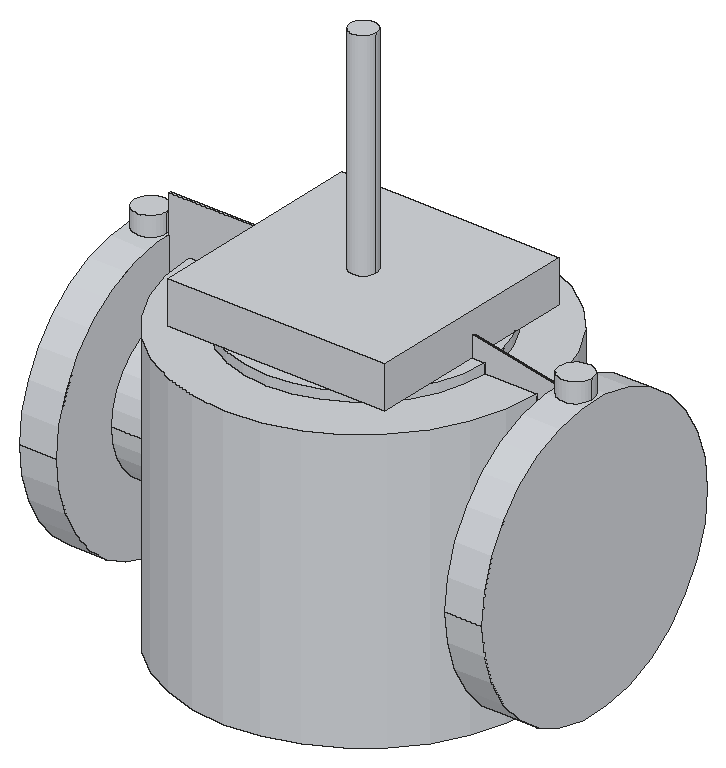
Revit family "OC-FLANGE_HF_DN250_PN16_RFA_2018", category Pipe Accessories, Revit 2018
Family settings
  Round Connector Dimension = Use Diameter
  Part Type = Valve - Breaks Into
  Work Plane-Based = No
  Always vertical = Yes
  Cut with Voids When Loaded = No
  Shared = No
Parameters (values of type "Optima Compact Flange PN16 DN250 HF")
  magiProductId = "04bfedd5843a4fb2a3a3e76bce0a04"
  magiProductFamilyId = "7f77c72f297a4b4b9e69a2c3ebd769"
  magiPartTypeId = 304
  isMeasuringValve [instance] = no
  ang2D [instance] = 0.00°
  W2D = 50 mm
  VersionID = "2.0/2018.12.13.2/FRESE_OPT_COMP_BIG_Q13_001"
  Use Minimum Symbol Size [instance] = no
  URL = "www.hydronic.cz"
  Type Comments = "Přírubový; PN16; 0~110°C, s měřením"
  R4 = 192.15 mm
  R3 = 115.44 mm
  R1 = 274.5 mm
  QmdConnectorList = "301;D;302;D"
  Productdata [instance] = ""
  Manufacturer = "Hydronic Systems Prague s.r.o."
  MC Use Limits From Balancing Method = no
  MC Throttling Minimum Value = 0
  MC Throttling Maximum Value = 0
  MC Product Code = "53-1217 (DN250 HF; 48mm; pohon min 2500N; Qmin-dpmin 245000l/h-15.0kPa; Qmax-dpmin 600000l/h-70.0kPa; dpmax 800kPa)"
  MC Pressure Drop Minimum Value = 0.0 Pa
  MC Pressure Drop Maximum Value = 0.0 Pa
  MC Piping Given Pressure Drop [instance] = 0.0 Pa
  LF__ve = -LF  # -58.4 mm
  LF2 = 29.2 mm
  LF = 58.4 mm
  L4 = 343.1 mm
  L3 = 613.2 mm
  L2D_Min = 30.48 mm
  L2D = 230 mm
  L2 = 365 mm
  H6 = 339.4 mm
  H4 = 66.6 mm
  H3 = 15 mm
  H2 = 244.2 mm
  H1 = 444 mm
  H = 1094 mm
  Description = "Tlakově nezávislý 2-cestný regulační vyvažovací ventil (PICV)"
  DF2 = 222 mm
  DD = yes
  D = 250 mm
  CAT0 = yes
  AL2 = 156 mm
  ACT3W = 167 mm
  ACT3L = 92.5 mm
  ACT2L = 230 mm
  ACT2H = 311 mm
  A3WP = 112 mm
Types (2, lengths in mm): name | magiProductId | R4 | R3 | R1 | MC Product Code | LF__ve | LF2 | LF | L4 | L3 | L2 | H6 | H4 | H2 | H1 | H | DF2 | D
  Optima Compact Flange PN16 DN250 HF | "04bfedd5843a4fb2a3a3e76bce0a04" | 192.15 | 115.44 | 274.5 | "53-1217 (DN250 HF; 48mm; pohon min 2500N; Qmin-dpmin 245000l/h-15.0kPa; Qmax-dpmin 600000l/h-70.0kPa; dpmax 800kPa)" | -58.4 | 29.2 | 58.4 | 343.1 | 613.2 | 365 | 339.4 | 66.6 | 244.2 | 444 | 1094 | 222 | 250
  Optima Compact Flange PN16 DN300 HF | "0fa3775e1d00444fb1aee59b74ee1a" | 251.65 | 135.2 | 359.5 | "53-1218 (DN300 HF; 48mm; pohon min 2500N; Qmin-dpmin 245000l/h-15.0kPa; Qmax-dpmin 600000l/h-70.0kPa; dpmax 800kPa)" | -68 | 34 | 68 | 399.5 | 714 | 425 | 290 | 78 | 286 | 520 | 1132 | 260 | 300
Reference planes
  plane 1 "Center (Front/Back)": y = 0
  plane 2 "XYPLANE": z = 0
  plane 3 "Center (Left/Right)": x = 0
  plane 4 "362": y = 45
  plane 5 "361": y = 55
  plane 6 "360": y = -102
  plane 7 "359": y = -112
  plane 8 "358": z = 852
  plane 9 "357": x = -87.5
  plane 10 "356": x = 87.5
  plane 11 "355": x = -92.5
  plane 12 "354": x = 92.5
  plane 13 "353": x = 35
  plane 14 "352": x = -35
  plane 15 "351": z = 627
  plane 16 "350": z = 812
  plane 17 "347": y = -25
  plane 18 "346": y = 25
  plane 19 "342": z = 280.4
  plane 20 "341": x = 306.6
  plane 21 "340": x = -306.6
  plane 22 "335": x = 106
  plane 23 "334": z = 759
  plane 24 "333": z = 684
  plane 25 "332": z = 689
  plane 26 "331": z = 729
  plane 27 "330": z = 561
  plane 28 "329": z = -222
  plane 29 "328": x = -45
  plane 30 "327": x = 45
  plane 31 "326": x = -49
  plane 32 "325": x = 49
  plane 33 "324": y = -20
  plane 34 "323": y = 20
  plane 35 "322": z = 869
  plane 36 "321": z = 872
  plane 37 "320": z = 581
  plane 38 "319": y = -61
  plane 39 "318": y = 73
  plane 40 "317": x = -74
  plane 41 "316": x = 156
  plane 42 "206": x = 335.8
  plane 43 "205": x = -335.8
  plane 44 "204": z = 222
  plane 45 "203": z = 281.4
  plane 46 "202": z = 214.8
  plane 47 "201": z = 199.8
  plane 48 "200": x = -306.6
  plane 49 "199": z = -244.2
  plane 50 "198": x = 0
  plane 51 "197": y = 0
  plane 52 "196": z = 0
  plane 53 "195": x = -365
  plane 54 "194": x = 365
  plane 55 "193": z = 620.8
  plane 56 "192": z = 784.8
Forms (mm)
  Extrusion 1, solid, visible <- "DD"
    sketch origin (750, 0, 0) x (-1, 0, 0) y (0, 0, 1)
      loop
        line (1056.6, 280.4) -> (750, 280.4) -> (443.4, 222) -> (443.4, -222) -> (1056.6, -222) -> (1056.6, 280.4)
    from 0 to 3
  Extrusion 2, solid, visible <- "CAT0"
    sketch origin (-750, 0, 222) x (1, 0, 0) y (0, 1, 0)
      loop
        circle (1085.8, 0) r 25.5
    from 0 to 30
  Extrusion 3, solid, visible <- "CAT0"
    sketch origin (-750, 0, 222) x (1, 0, 0) y (0, 1, 0)
      loop
        circle (414.2, 0) r 25.5
    from 0 to 30
  Extrusion 4, solid, visible <- "CAT0"
    sketch origin (-750, 0, 281.4) x (1, 0, 0) y (0, 1, 0)
      loop
        circle (750, 0) r 20
    from 0 to 339.4 <- "H6"
  Extrusion 5, solid, visible <- "CAT0"
    sketch origin (-750, 0, 214.8) x (1, 0, 0) y (0, 1, 0)
      loop
        line (921.55, 171.55) -> (578.45, 171.55) -> (578.45, -171.55) -> (921.55, -171.55) -> (921.55, 171.55)
    from 0 to 66.6 <- "H4"
  Extrusion 6, solid, visible <- "CAT0"
    sketch origin (-750, 0, 199.8) x (1, 0, 0) y (0, 1, 0)
      loop
        circle (750, 0) r 192.15
    from 0 to 15 <- "H3"
  Extrusion 7, solid, visible <- "CAT0"
    sketch origin (-306.6, -750, 0) x (0, 1, 0) y (0, 0, 1)
      loop
        circle (750, 0) r 115.44
    from 0 to 613.2 <- "L3"
  Extrusion 8, solid, visible <- "CAT0"
    sketch origin (-750, 0, -244.2) x (1, 0, 0) y (0, 1, 0)
      loop
        circle (750, 0) r 274.5
    from 0 to 444 <- "H1"
  Extrusion 9, solid, visible <- "CAT0"
    sketch origin (-365, -750, 0) x (0, 1, 0) y (0, 0, 1)
      loop
        circle (750, 0) r 222
    from 0 to 58.4 <- "LF"
  Extrusion 10, solid, visible <- "CAT0"
    sketch origin (365, -750, 0) x (0, 1, 0) y (0, 0, 1)
      loop
        circle (750, 0) r 222
    from 0 to -58.4 <- "LF__ve"
  Extrusion 11, solid, not visible
    sketch origin (-365, -750, 0) x (0, 1, 0) y (0, 0, 1)
      loop
        circle (750, 0) r 10
    from 0 to 10
  Extrusion 12, solid, not visible
    sketch origin (365, -750, 0) x (0, 1, 0) y (0, 0, 1)
      loop
        circle (750, 0) r 10
    from 0 to -10
Lines and regions (mm)
  reference lines, not visible
    curve 1: circle (2, 2, 0) r 1 normal (0, 0, 1)
  reference lines
    curve 2: line (-49, -20, 561) -> (49, -20, 561)
    curve 3: line (49, -20, 561) -> (49, 20, 561)
    curve 4: line (49, 20, 561) -> (-49, 20, 561)
    curve 5: line (-49, 20, 561) -> (-49, -20, 561)
    curve 6: circle (0, 0, 214.8) r 1 normal (0, 0, 1)
Dimensions and locks
  plane 1 "Center (Front/Back)" to curve 1 = 2 mm
  locked: plane 5 "361" to plane 4 "362" at 10
  "ACT3W": plane 7 "359" to plane 5 "361"
  locked: plane 7 "359" to plane 6 "360" at 10
  "A3WP": plane 51 "197" to plane 7 "359"
  locked: plane 36 "321" to plane 8 "358" at 20
  locked: plane 11 "355" to plane 9 "357" at 5
  locked: plane 12 "354" to plane 10 "356" at 5
  "ACT3L": plane 50 "198" to plane 11 "355"
  "ACT3L": plane 50 "198" to plane 12 "354"
  locked: plane 30 "327" to plane 13 "353" at 10
  locked: plane 29 "328" to plane 14 "352" at 10
  locked: plane 36 "321" to plane 15 "351" at 245
  locked: plane 36 "321" to plane 16 "350" at 60
  locked: plane 51 "197" to plane 17 "347" at 25
  locked: plane 51 "197" to plane 18 "346" at 25
  "LF": plane 44 "204" to plane 19 "342"
  "LF": plane 54 "194" to plane 20 "341"
  "LF": plane 53 "195" to plane 21 "340"
  locked: plane 41 "316" to plane 22 "335" at 50
  locked: plane 26 "331" to plane 23 "334" at 30
  locked: plane 35 "322" to plane 24 "333" at 185
  locked: plane 35 "322" to plane 25 "332" at 180
  locked: plane 35 "322" to plane 26 "331" at 140
  "ACT2H": plane 36 "321" to plane 27 "330"
  "DF2": plane 52 "196" to plane 28 "329"
  locked: plane 30 "327" to plane 29 "328" at 90
  locked: plane 50 "198" to plane 30 "327" at 45
  locked: plane 50 "198" to plane 31 "326" at 49
  locked: plane 50 "198" to plane 32 "325" at 49
  locked: plane 34 "323" to plane 33 "324" at 40
  locked: plane 51 "197" to plane 34 "323" at 20
  locked: plane 36 "321" to plane 35 "322" at 3
  "H": plane 28 "329" to plane 36 "321"
  locked: plane 27 "330" to plane 37 "320" at 20
  locked: plane 51 "197" to plane 38 "319" at 61
  locked: plane 51 "197" to plane 39 "318" at 73
  "ACT2L": plane 41 "316" to plane 40 "317"
  "AL2": plane 50 "198" to plane 41 "316"
  "LF2": plane 54 "194" to plane 42 "206"
  "LF2": plane 53 "195" to plane 43 "205"
  "DF2": plane 2 "XYPLANE" to plane 44 "204"
  "H4": plane 46 "202" to plane 45 "203"
  "H3": plane 47 "201" to plane 46 "202"
  "H1": plane 49 "199" to plane 47 "201"
  "LF": plane 53 "195" to plane 48 "200"
  "H2": plane 2 "XYPLANE" to plane 49 "199"
  locked: plane 3 "Center (Left/Right)" to plane 50 "198"
  locked: plane 1 "Center (Front/Back)" to plane 51 "197"
  locked: plane 2 "XYPLANE" to plane 52 "196"
  "L2": plane 3 "Center (Left/Right)" to plane 53 "195"
  "L2": plane 3 "Center (Left/Right)" to plane 54 "194"
  "H6": plane 45 "203" to plane 55 "193"
  locked: plane 55 "193" to plane 56 "192" at 164
  Extrusion 1 sketch curve to Extrusion 1 sketch curve = 0 mm  (x10)
  equal spacing: Extrusion 5 sketch curve, curve 6, Extrusion 5 sketch curve  (x2)
  "L4": Extrusion 5 sketch curve to Extrusion 5 sketch curve  (x2)
  Extrusion 5 sketch curve to Extrusion 5 sketch curve = 0 mm  (x8)
  "R4": radius of Extrusion 6 sketch curve
  "R3": radius of Extrusion 7 sketch curve
  "R1": radius of Extrusion 8 sketch curve
  "DF2": radius of Extrusion 9 sketch curve
  "DF2": radius of Extrusion 10 sketch curve
  aligned and locked: level to plane 2 "XYPLANE"
  aligned and locked: plane 21 "340" to Extrusion 1 sketch curve  (x2)
  aligned and locked: plane 19 "342" to Extrusion 1 sketch curve
  aligned and locked: plane 28 "329" to Extrusion 1 sketch curve  (x2)
  aligned and locked: plane 20 "341" to Extrusion 1 sketch curve  (x2)
  aligned and locked: plane 44 "204" to Extrusion 1 sketch curve
  aligned and locked: plane 50 "198" to Extrusion 1 sketch curve
  aligned and locked: Extrusion 1 sketch curve to plane 19 "342"
  aligned and locked: curve 2 to plane 33 "324"
  aligned and locked: plane 31 "326" to curve 2
  aligned and locked: plane 32 "325" to curve 2
  aligned and locked: plane 33 "324" to curve 3
  aligned and locked: plane 34 "323" to curve 3
  aligned and locked: plane 32 "325" to curve 4
  aligned and locked: plane 31 "326" to curve 4
  aligned and locked: plane 34 "323" to curve 5
  aligned and locked: plane 42 "206" to Extrusion 2 sketch curve
  aligned and locked: plane 51 "197" to Extrusion 2 sketch curve
  aligned and locked: plane 43 "205" to Extrusion 3 sketch curve
  aligned and locked: plane 51 "197" to Extrusion 3 sketch curve
  aligned and locked: plane 50 "198" to Extrusion 4 sketch curve
  aligned and locked: plane 51 "197" to Extrusion 4 sketch curve
  aligned and locked: plane 50 "198" to curve 6
  aligned and locked: plane 51 "197" to curve 6
  aligned and locked: plane 50 "198" to Extrusion 6 sketch curve
  aligned and locked: plane 51 "197" to Extrusion 6 sketch curve
  aligned and locked: Extrusion 7 sketch curve to plane 51 "197"
  aligned and locked: plane 52 "196" to Extrusion 7 sketch curve
  aligned and locked: plane 50 "198" to Extrusion 8 sketch curve
  aligned and locked: plane 51 "197" to Extrusion 8 sketch curve
  aligned and locked: Extrusion 9 sketch curve to plane 51 "197"
  aligned and locked: plane 52 "196" to Extrusion 9 sketch curve
  aligned and locked: Extrusion 10 sketch curve to plane 51 "197"
  aligned and locked: plane 52 "196" to Extrusion 10 sketch curve
  aligned and locked: Extrusion 11 sketch curve to plane 51 "197"
  aligned and locked: plane 52 "196" to Extrusion 11 sketch curve
  aligned and locked: Extrusion 12 sketch curve to plane 51 "197"
  aligned and locked: plane 52 "196" to Extrusion 12 sketch curve
Automatic sketch dimensions
  plane 20 "341" to Extrusion 2 sketch curve = 3.7 mm
  plane 53 "195" to Extrusion 3 sketch curve = 3.7 mm
  plane 14 "352" to Extrusion 4 sketch curve = 15 mm
  plane 1 "Center (Front/Back)" to Extrusion 11 sketch curve = 10 mm
  plane 1 "Center (Front/Back)" to Extrusion 12 sketch curve = 10 mm
  plane 3 "Center (Left/Right)" to curve 1 = 2 mm
  Extrusion 5 sketch curve to plane 11 "355" = 79.05 mm
  Extrusion 5 sketch curve to plane 7 "359" = 59.55 mm
  radius of curve 6 = 1 mm
  radius of curve 1 = 1 mm
Connectors
  piping at (-365, 0, 0), diameter 250, driven by "D"
    settings: on Extrusion 11, index 1, connector inside diameter 609.6 mm, connector length 0 mm, flow factor 0, pipe flow 0.0 L/s, pressure drop 0.0 Pa, fitting loss kfactor 0, connector angle 0.00°, fixture units 0, engagement length 0 mm, angle of deflection 0.00°, flow configuration 0, flow direction 0, fitting loss method 0, system type 29, joint type 0, gender type 0, connector reference index 2, connector utility 0, adjustable connector no, is connector primary yes, connector description ""
  piping at (365, 0, 0), diameter 250, driven by "D"
    settings: on Extrusion 12, index 2, connector inside diameter 609.6 mm, connector length 0 mm, flow factor 0, pipe flow 0.0 L/s, pressure drop 0.0 Pa, fitting loss kfactor 0, connector angle 0.00°, fixture units 0, engagement length 0 mm, angle of deflection 0.00°, flow configuration 0, flow direction 0, fitting loss method 0, system type 29, joint type 0, gender type 0, connector reference index 1, connector utility 0, adjustable connector no, is connector primary no, connector description ""
